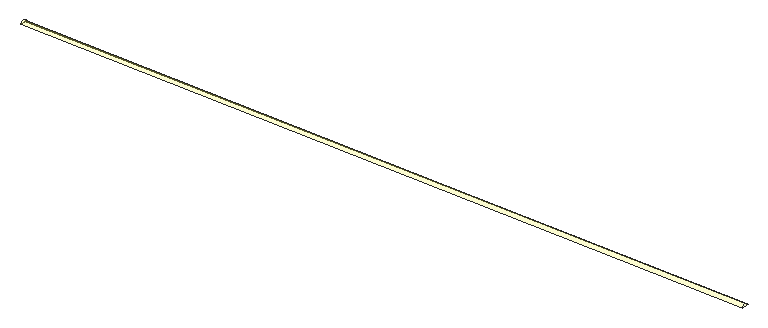
Revit family "MR_ОсветительныйПрибор_Stripled", category Осветительные приборы, Revit 2020
Family settings
  Размер круглого соединителя = Использовать диаметр
  Тип детали = Нормальный
  На основе рабочей плоскости = Да
  Всегда вертикально = Нет
  При загрузке вырезать с полостями = Нет
  Источник света = Да
  Общий = Да
  Точка расчета площади = Нет
Parameters (values of type "Stripled_High-flux_1000mm_3000k")
  built-in parameter 1150104 = 13.8 (stored number, unit not read)
  built-in parameter 1150134 = (empty or 0)
  Файл фотометрической сетки = "P3139000WW1000mm.ies"
  Tilt Angle = 90.00°
  built-in parameter 1150137 = (empty or 0)
  built-in parameter 1150132 = 2
  built-in parameter 1150114 = 1 (stored number, unit not read)
  Dimming Lamp Color Temperature Shift = (empty or 0)
  built-in parameter 1150105 = 150.4 (stored number, unit not read)
  Color Filter = 16777215
  Lumens = 1890 lm
  Самосветящий материал = Источник света по умолчанию
  built-in parameter 1150109 = 1 (stored number, unit not read)
  built-in parameter 1150112 = 1 (stored number, unit not read)
  built-in parameter 1150110 = 1 (stored number, unit not read)
  built-in parameter 1150113 = 1 (stored number, unit not read)
  built-in parameter 1150115 = 1 (stored number, unit not read)
  built-in parameter 1114218 = 1 (stored number, unit not read)
  built-in parameter 1114217 = 1 (stored number, unit not read)
  Apparent Load = ADSK_Номинальная мощность / ADSK_Коэффициент мощности  # 15.3061 VA
  Default Elevation = 1219.2 mm
  built-in parameter 1150106 = 1.504 (stored number, unit not read)
  Description = "Stripled"  # constant formula
  built-in parameter 1150133 = 10 (stored number, unit not read)
  Wattage = 12.7237 W
  built-in parameter 1150139 = (empty or 0)
  Климатическая зона = ""
  Класс Защиты = "III"  # constant formula
  built-in parameter 1150138 = (empty or 0)
  built-in parameter 1150107 = 3000 (stored number, unit not read)
  built-in parameter 1150102 = (empty or 0)
  Emit from Rectangle Width = ADSK_Размер_Длина  # 1000 mm
  Emit from Rectangle Length = 10 mm
  Model = "Stripled"  # constant formula
  Видимая форма излучения при визуализации = yes
  IP Class = "IP65"  # constant formula
  ADSK_Этаж = ""
  ADSK_Ток = ADSK_Номинальная мощность / (ADSK_Коэффициент мощности * ADSK_Напряжение * sqrt(ADSK_Количество фаз числовое))  # 0.637755 A
  ADSK_Размер_Длина = 1000 mm
  ADSK_Примечание = ""
  ADSK_Полная мощность = ADSK_Номинальная мощность / ADSK_Коэффициент мощности  # 15.3061 VA
  ADSK_Позиция = ""
  ADSK_Номинальная мощность = 15 W
  ADSK_Напряжение = 24 V
  ADSK_Наименование = "Stripled_High-flux_1000mm_3000k"
  ADSK_Материал = none
  ADSK_Масса = 0
  ADSK_Марка = ""
  ADSK_Коэффициент мощности = 0.98
  ADSK_Количество фаз числовое = 1
  ADSK_Количество фаз = 1
  ADSK_Количество = 1  # constant formula
  ADSK_Код изделия = "P3139000WW(1000mm)"
  ADSK_Классификация нагрузок = Освещение
  ADSK_Завод-изготовитель = "MartiniRUS"  # constant formula
  ADSK_Единица измерения = "шт."  # constant formula
  ADSK_Группирование = "Внутреннее освещение_светильник"
  ADSK_URL страницы изделия = "https://martinirus.ru/products/indoor/stripled"
Types (7, lengths in mm): name | Файл фотометрической сетки | built-in parameter 1150105 | Lumens | Apparent Load | built-in parameter 1150106 | Wattage | Emit from Rectangle Width | ADSK_Ток | ADSK_Размер_Длина | ADSK_Полная мощность | ADSK_Номинальная мощность | ADSK_Наименование | ADSK_Код изделия
  (no name) | "P3139000WW1000mm.ies" | 150.4 (stored number, unit not read) | 1890 lm | 15.3061 VA | 1.504 (stored number, unit not read) | 12.7237 W | 1000 | 0.637755 A | 1000 | 15.3061 VA | 15 W | "Stripled_High-flux_1000mm_3000k" | "P3139000WW(1000mm)"
  Stripled_High-flux_1000mm_3000k | "P3139000WW1000mm.ies" | 150.4 (stored number, unit not read) | 1890 lm | 15.3061 VA | 1.504 (stored number, unit not read) | 12.7237 W | 1000 | 0.637755 A | 1000 | 15.3061 VA | 15 W | "Stripled_High-flux_1000mm_3000k" | "P3139000WW(1000mm)"
  Stripled_High-flux_500mm_3000k | "P3139000WW500mm.ies" | 638.54 (stored number, unit not read) | 945 lm | 7.65306 VA | 6.3854 (stored number, unit not read) | 6.36184 W | 500 | 0.318878 A | 500 | 7.65306 VA | 7.5 W | "Stripled_High-flux_500mm_3000k" | "P3139000WW(500mm)"
  Stripled_High-flux_100mm_3000k | "P3139000WW100mm.ies" | 15.04 (stored number, unit not read) | 189 lm | 1.53061 VA | 0.1504 (stored number, unit not read) | 1.27237 W | 100 | 0.0637755 A | 100 | 1.53061 VA | 1.5 W | "Stripled_High-flux_100mm_3000k" | "P3139000WW(100mm)"
  Stripled_Low-flux_1000mm_3000k | "P3139100WW1000mm.ies" | 83.893 (stored number, unit not read) | 480 lm | 5.10204 VA | 0.83893 (stored number, unit not read) | 3.23141 W | 1000 | 0.212585 A | 1000 | 5.10204 VA | 5 W | "Stripled_Low-flux_1000mm_3000k" | "P3139100WW(1000mm)"
  Stripled_Low-flux_500mm_3000k | "P3139100WW500mm.ies" | 83.893 (stored number, unit not read) | 240 lm | 2.55102 VA | 0.83893 (stored number, unit not read) | 1.61571 W | 500 | 0.106293 A | 500 | 2.55102 VA | 2.5 W | "Stripled_Low-flux_500mm_3000k" | "P3139100WW(500mm)"
  Stripled_Low-flux_100mm_3000k | "P3139100WW100mm.ies" | 83.893 (stored number, unit not read) | 48 lm | 0.510204 VA | 0.83893 (stored number, unit not read) | 0.323141 W | 100 | 0.0212585 A | 100 | 0.510204 VA | 0.5 W | "Stripled_Low-flux_100mm_3000k" | "P3139100WW(100mm)"
Reference planes
  plane 1 "По центру (Вперед/Назад)": y = 0
  plane 2: z = 0
  plane 3 "По центру (Влево/Вправо)": x = 0
  plane 4: x = -500
  plane 5: x = 500
Forms (mm)
  Extrusion 1, solid, material "Источник света по умолчанию" <- "Самосветящий материал"
    sketch origin (0, 0, 0) x (0, 1, 0) y (0, 0, 1)
      loop
        arc (5, 0) -> (0, 3.577) -> (-5, 0) r 5.283
        line (-5, 0) -> (5, 0)
    from -500 to 500
Dimensions and locks
  equal spacing: plane 4, plane 3 "По центру (Влево/Вправо)", plane 5
  "ADSK_Размер_Длина": plane 4 to plane 5
  aligned and locked: level to plane 2
  aligned and locked: Extrusion 1 to plane 5
  aligned and locked: Extrusion 1 to plane 4
Automatic sketch dimensions
  Extrusion 1 sketch curve to level = 0 mm
  Extrusion 1 sketch curve to plane 1 "По центру (Вперед/Назад)" = 0 mm
  Extrusion 1 sketch curve to level = 1.706 mm
  plane 1 "По центру (Вперед/Назад)" to Extrusion 1 sketch curve = 5 mm
Connectors
  electrical at (0, 0, 0), driven by "ADSK_Количество фаз", driven by "ADSK_Классификация нагрузок", driven by "ADSK_Напряжение", driven by "ADSK_Полная мощность", driven by "ADSK_Коэффициент мощности"
    settings: index 1, voltage 24 V, apparent load 0 VA, apparent load phase1 15.3061 VA, apparent load phase2 0 VA, apparent load phase3 0 VA, power factor 0.98, load classification "Освещение", number of poles 1, system type 31, power factor state 1, is connector primary yes, connector utility no, sub classification motor no, connector description ""
